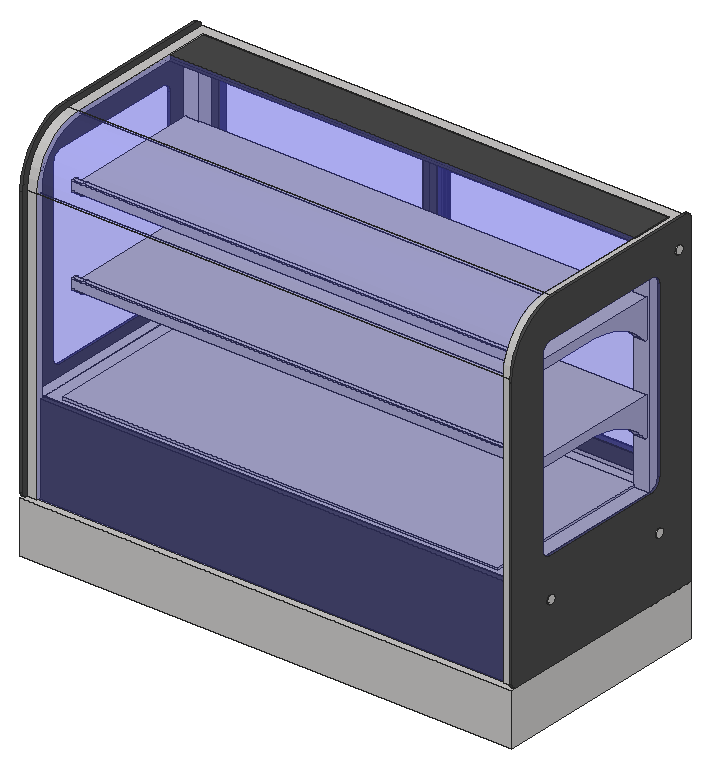
Revit family "Qf_Vollrath_HDC9348_Heated_Display_Case_Cubed_Countertop-48 inches_cat", category Specialty Equipment, Revit 2019 (continued)
Automatic sketch dimensions
  Extrusion 39 sketch curve to Extrusion 20 = 1.5"  (x2)
  Extrusion 20 to Extrusion 39 sketch curve = 3.20977"
  Extrusion 40 sketch curve to Extrusion 20 = 0.0"  (x3)
  Extrusion 20 to Extrusion 40 sketch curve = 3.625"
  Extrusion 41 sketch curve to Extrusion 5 = 0.0"
  Extrusion 41 sketch curve to Extrusion 5 = 4.0"
  Extrusion 42 sketch curve to Extrusion 42 sketch curve = 1.0"
  Extrusion 1 to Extrusion 42 sketch curve = 1.0"
  Extrusion 43 sketch curve to plane 23 = 1.375"
  Extrusion 43 sketch curve to plane 23 = 0.375"  (x2)
  Extrusion 43 sketch curve to plane 19 = 0.27959"
  plane 20 to Extrusion 43 sketch curve = 0.3565"
  Extrusion 43 sketch curve to plane 5 "FRONT" = 4.625"  (x2)
  Extrusion 43 sketch curve to Extrusion 43 sketch curve = 1.0"
  plane 1 "BACK" to Extrusion 44 sketch curve = 0.5"  (x2)
  level to Extrusion 44 sketch curve = 1.36639"
  plane 15 to Extrusion 44 sketch curve = 1.24362"
  Extrusion 44 sketch curve to plane 1 "BACK" = 1.5"
  plane 15 to Extrusion 44 sketch curve = 3.01139"
  plane 1 "BACK" to Extrusion 44 sketch curve = 2.26777"
  radius of Extrusion 2 sketch curve = 0.375"  (x3)
  radius of Extrusion 4 sketch curve = 0.375"  (x3)
  radius of Extrusion 19 sketch curve to Extrusion 7 = 0.0"  (x2)
  radius of Extrusion 30 sketch curve to Extrusion 28 = 0.0"  (x2)
  radius of Extrusion 35 sketch curve = 0.5"
  radius of Extrusion 41 sketch curve to Extrusion 5 = 0.0"
  radius of Extrusion 41 sketch curve to Extrusion 5 = 0.25"
  radius of Extrusion 42 sketch curve to Extrusion 1 = 0.0"  (x2)
Connectors (in)
  electrical at (3.94184, -0.52697, 2.35052), driven by "Volts", driven by "Watts"
    settings: on Extrusion 35, index 2, voltage 120 V, apparent load 696 VA, apparent load phase1 0 VA, apparent load phase2 0 VA, apparent load phase3 0 VA, power factor 1, load classification "Other", number of poles 1, system type 30, power factor state 1, is connector primary yes, connector utility no, sub classification motor no, connector description ""
